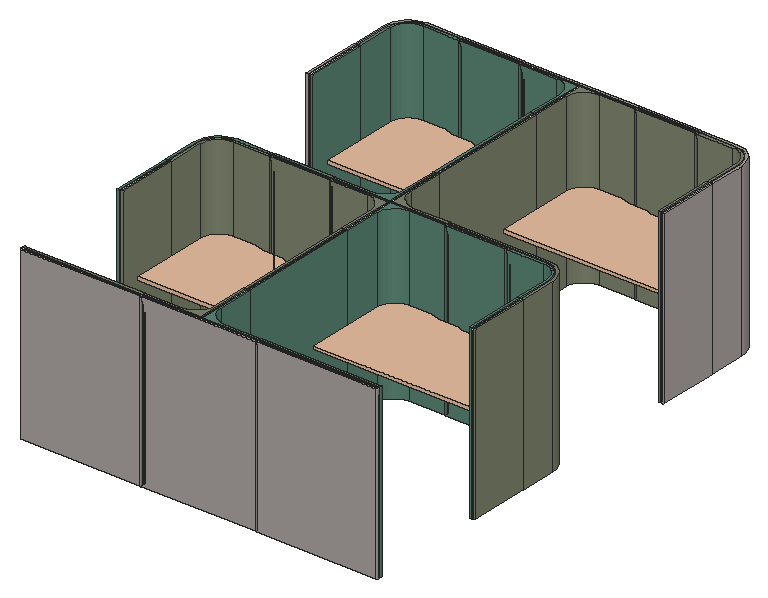
Revit family "NBS_Senator_MeetingPods_Enclave4Inline", category Furniture, Revit 2018
Family settings
  Work Plane-Based = No
  Always vertical = Yes
  Cut with Voids When Loaded = No
  Shared = No
  Room Calculation Point = No
Parameters
  Width = 2950 mm  # constant formula
  WarrantyStartDate [instance] = "1900-12-31T23:59:59"
  WarrantyGuarantorParts = "contactus@thesenatorgroup.com"
  WarrantyGuarantorLabor = "n/a"
  WarrantyDurationUnit = "year"
  WarrantyDurationParts = "10"
  WarrantyDurationLabor = "n/a"
  WarrantyDescription = "Senator warrants that its manufactured products are free from manufacturing defects - in materials or workmanship - for a period of ten (10) years on Senator Seating ranges; and fifteen (15) years on Senator Desking ranges - exceptions are listed below. Senator will repair or replace (at Senator’s sole discretion) with comparable free of charge materials / components, any product / component, which fails under normal use in a single shift environment, as a result of a defect in the materials and / or workmanship"
  Version = "1"  # constant formula
  Uniclass2015Version = "Products v1.16"
  Uniclass2015Title = "Meeting Pods"
  Uniclass2015Code = "Pr_40_50_12_53"
  TagNumber [instance] = "n/a"
  TableTopMaterial = NBS_Senator_Wood_HighlandOak_2
  SustainabilityPerformance = "99% recyclable"
  Style = "Meeting pods"
  Status = "UNSET"
  Size = "4450 x 2950 x 1400 mm"
  Shape = "n/a"
  SerialNumber [instance] = "n/a"
  SeatWidth = "n/a"
  SeatDepth = "n/a"
  Revision = "n/a"
  ReplacementCost = "n/a"
  Reference = "n/a"
  ProductInformation = "http://www.thesenatorgroup.com/uk/senator/"
  OuterPanelMaterial = NBS_Senator_VirginWool_StAndrews
  NominalWidth = 2950 mm
  NominalLength = 2950 mm
  NominalHeight = 1400 mm
  NominalDepth = 4450 mm
  Name = "MeetingPods_Enclave4Inline_PDEN4IN14_Senator"
  NBSReference = "45-35-20/342"
  NBSDescription = "Meeting pods"
  NBSCertification = "www.nationalbimlibrary.com/cert/ezclycss"
  ModelReference = "Pods-Enclave4Inline_PDEN4IN14"
  ModelNumber = "PDEN4IN14"
  Material = "Fabric, metal, plastic"
  ManufacturerURL = "www.senator.co.uk"
  ManufacturerName = "The Senator Group"  # constant formula
  Manufacturer = "sales@senator.co.uk"
  MainColor = "n/a"
  IsBuiltIn = no
  InstallationDate [instance] = "1900-12-31T23:59:59"
  InnerPanelMaterial2 = NBS_Senator_VirginWool_Lancaster
  InnerPanelMaterial1 = NBS_Senator_VirginWool_Montcrest
  IfcExportType = "USERDEFINED"  # constant formula
  IfcExportAs = "IfcFurnitureType"  # constant formula
  Height = 1400 mm
  Grade = "n/a"
  FramesColour = "Black, white"
  FrameMaterial = NBS_Senator_Aluminium_Rigid_Siver
  FinishOptions = "Carini walnut, mocha, autumn, strata oak, maple, highland oak, beech, winter oak, hacienda white, white, light grey, denim, clay, lemon sorbet"
  Finish = "Outer vertical panels upholstered in camira, blazer fabric Two tone is standard"
  Features = "Internal frame with multi-layered acoustic foam, levelling adjusters, blazer fabric, outer vertical panels"
  FabricFinishOptions = "Plymouth, fairfield, latymer, lancaster, silcoates, silverdale, st andrews, trevelyan, ulster, wellington, wesley, manchester,"
  ExpectedLife = "10"
  DurationUnit = "year"
  Description = "Enclave 4 Inline - 1400mm high"
  Depth = 3950 mm  # constant formula
  Constituents = "n/a"
  Color = "n/a"
  CodePerformance = "n/a"
  Category = "Pr_40_50_12_53:Meeting pods"
  BarCode [instance] = "n/a"
  BIMObjectName = "NBS_Senator_MeetingPods_Enclave4Inline_PDEN4IN14"
  Author = "NBS"  # constant formula
  AssetType = "Fixed"
  AssetIdentifier [instance] = "n/a"
  Accessories = "Monitor arms, PU desk accessories, desk top accessories, CPU holders, electrical accessories, coat hanger, name plate, A2 dry wipe board with hanger, A3 dry wipe board with hanger"
  AccessibilityPerformance = "n/a"
Types (3, lengths in mm): name | TableTopMaterial | Size | NominalHeight | Name | ModelReference | ModelNumber | Height | Description | BIMObjectName
  (no name) | NBS_Senator_Wood_HighlandOak_2 | "4450 x 2950 x 1400 mm" | 1400 | "MeetingPods_Enclave4Inline_PDEN4IN14_Senator" | "Pods-Enclave4Inline_PDEN4IN14" | "PDEN4IN14" | 1400 | "Enclave 4 Inline - 1400mm high" | "NBS_Senator_MeetingPods_Enclave4Inline_PDEN4IN14"
  PDEN4IN14 | NBS_Senator_Wood_HighlandOak_2 | "4450 x 2950 x 1400 mm" | 1400 | "MeetingPods_Enclave4Inline_PDEN4IN14_Senator" | "Pods-Enclave4Inline_PDEN4IN14" | "PDEN4IN14" | 1400 | "Enclave 4 Inline - 1400mm high" | "NBS_Senator_MeetingPods_Enclave4Inline_PDEN4IN14"
  PDEN4IN18 | none | "4450 x 2950 x 1800 mm" | 1800 | "MeetingPods_Enclave4Inline_PDEN4IN18_Senator" | "Pods-Enclave4Inline_PDEN4IN18" | "PDEN4IN18" | 1800 | "Enclave 4 Inline - 1800mm high" | "NBS_Senator_MeetingPods_Enclave4Inline_PDEN4IN18"
Reference planes
  plane 1 "Center (Front/Back)": y = 0
  plane 2: z = 0
  plane 3 "Center (Left/Right)": x = 0
  plane 4 "Left": x = -1475
  plane 5 "Right": x = 1475
  plane 6 "Back": y = 1975
  plane 7 "Front": y = -1975
  plane 8: x = -1425
  plane 9: x = -25
  plane 10: x = 25
  plane 11: x = 1425
  plane 12: y = 1925
  plane 13: y = 25
  plane 14: y = -25
  plane 15: y = -1925
  plane 16: x = -1455
  plane 17: x = -1445
  plane 18: x = 1445
  plane 19: x = 1455
  plane 20: x = -5
  plane 21: x = 5
  plane 22: y = 1955
  plane 23: y = 1945
  plane 24: y = 5
  plane 25: y = -5
  plane 26: y = -1945
  plane 27: y = -1955
  plane 28 "Top": z = 1400
  plane 29 "TableTop": z = 710
Forms (mm)
  Extrusion 1, solid, material "NBS_Senator_VirginWool_Montcrest" <- "InnerPanelMaterial1", detail levels fine
    sketch origin (0, 0, 0) x (1, 0, 0) y (0, 1, 0)
      loop
        arc (-1270, 1945) -> (-1393.744, 1893.744) -> (-1445, 1770) r 175
        line (-1445, 1770) -> (-1445, 1476.584)
        arc (-1445, 1476.584) -> (-1435, 1471.531) -> (-1425, 1476.584) r 12.422
        line (-1425, 1476.584) -> (-1425, 1775)
        arc (-1425, 1775) -> (-1381.066, 1881.066) -> (-1275, 1925) r 150
        line (-1275, 1925) -> (-977.526, 1925)
        arc (-977.526, 1925) -> (-972.505, 1935) -> (-977.526, 1945) r 12.468
        line (-977.526, 1945) -> (-1270, 1945)
      loop
        arc (-1445, 983.106) -> (-1435, 973.106) -> (-1425, 983.106) r 10
        line (-1425, 983.106) -> (-1425, 1465.582)
        arc (-1425, 1465.582) -> (-1435, 1470.663) -> (-1445, 1465.582) r 12.381
        line (-1445, 1465.582) -> (-1445, 983.106)
      loop
        line (-5, 5) -> (-5, 469.625)
        arc (-5, 469.625) -> (-15, 474.63) -> (-25, 469.625) r 12.492
        line (-25, 469.625) -> (-25, 175)
        arc (-25, 175) -> (-68.934, 68.934) -> (-175, 25) r 150
        line (-175, 25) -> (-467.502, 25)
        arc (-467.502, 25) -> (-472.442, 15) -> (-467.502, 5) r 12.591
        line (-467.502, 5) -> (-5, 5)
      loop
        line (-5, 1945) -> (-469.327, 1945)
        arc (-469.327, 1945) -> (-474.347, 1935) -> (-469.327, 1925) r 12.471
        line (-469.327, 1925) -> (-175, 1925)
        arc (-175, 1925) -> (-68.934, 1881.066) -> (-25, 1775) r 150
        line (-25, 1775) -> (-25, 1477.924)
        arc (-25, 1477.924) -> (-15, 1472.919) -> (-5, 1477.924) r 12.492
        line (-5, 1477.924) -> (-5, 1945)
      loop
        arc (-1475, -962.489) -> (-1465, -972.489) -> (-1455, -962.489) r 10
        line (-1455, -962.489) -> (-1455, -480.129)
        arc (-1455, -480.129) -> (-1465, -475.113) -> (-1475, -480.129) r 12.475
        line (-1475, -480.129) -> (-1475, -962.489)
      loop
        arc (-1455, -175) -> (-1402.279, -47.721) -> (-1275, 5) r 180
        line (-1275, 5) -> (-975.813, 5)
        arc (-975.813, 5) -> (-970.712, 15) -> (-975.813, 25) r 12.353
        line (-975.813, 25) -> (-1275, 25)
        arc (-1275, 25) -> (-1416.421, -33.579) -> (-1475, -175) r 200
        line (-1475, -175) -> (-1475, -469.129)
        arc (-1475, -469.129) -> (-1465, -474.146) -> (-1455, -469.129) r 12.475
        line (-1455, -469.129) -> (-1455, -175)
      loop
        line (5, -5) -> (5, -469.675)
        arc (5, -469.675) -> (15, -474.68) -> (25, -469.675) r 12.492
        line (25, -469.675) -> (25, -175)
        arc (25, -175) -> (68.934, -68.934) -> (175, -25) r 150
        line (175, -25) -> (468.187, -25)
        arc (468.187, -25) -> (473.187, -15) -> (468.187, -5) r 12.5
        line (468.187, -5) -> (5, -5)
      loop
        line (5, -1945) -> (469.972, -1945)
        arc (469.972, -1945) -> (474.994, -1935) -> (469.972, -1925) r 12.467
        line (469.972, -1925) -> (175, -1925)
        arc (175, -1925) -> (68.934, -1881.066) -> (25, -1775) r 150
        line (25, -1775) -> (25, -1477.973)
        arc (25, -1477.973) -> (15, -1472.971) -> (5, -1477.973) r 12.496
        line (5, -1477.973) -> (5, -1945)
      loop
        arc (1464.302, -1945) -> (1474.302, -1935) -> (1464.302, -1925) r 10
        line (1464.302, -1925) -> (480.972, -1925)
        arc (480.972, -1925) -> (475.951, -1935) -> (480.972, -1945) r 12.467
        line (480.972, -1945) -> (1464.302, -1945)
      loop
        arc (1445, -180) -> (1393.744, -56.256) -> (1270, -5) r 175
        line (1270, -5) -> (976.67, -5)
        arc (976.67, -5) -> (971.487, -15) -> (976.67, -25) r 12.239
        line (976.67, -25) -> (1275, -25)
        arc (1275, -25) -> (1381.066, -68.934) -> (1425, -175) r 150
        line (1425, -175) -> (1425, -469.925)
        arc (1425, -469.925) -> (1435, -475.008) -> (1445, -469.925) r 12.377
        line (1445, -469.925) -> (1445, -180)
      loop
        arc (1425, -963.071) -> (1435, -973.071) -> (1445, -963.071) r 10
        line (1445, -963.071) -> (1445, -480.674)
        arc (1445, -480.674) -> (1435, -475.66) -> (1425, -480.674) r 12.479
        line (1425, -480.674) -> (1425, -963.071)
      loop
        arc (-966.526, 1945) -> (-971.545, 1935) -> (-966.526, 1925) r 12.472
        line (-966.526, 1925) -> (-480.227, 1925)
        arc (-480.227, 1925) -> (-475.208, 1935) -> (-480.227, 1945) r 12.472
        line (-480.227, 1945) -> (-966.526, 1945)
      loop
        line (-25, 1466.925) -> (-25, 480.625)
        arc (-25, 480.625) -> (-15, 475.62) -> (-5, 480.625) r 12.492
        line (-5, 480.625) -> (-5, 1466.925)
        arc (-5, 1466.925) -> (-15, 1471.93) -> (-25, 1466.925) r 12.492
      loop
        arc (-478.502, 5) -> (-473.442, 15) -> (-478.502, 25) r 12.412
        line (-478.502, 25) -> (-964.682, 25)
        arc (-964.682, 25) -> (-969.742, 15) -> (-964.682, 5) r 12.412
        line (-964.682, 5) -> (-478.502, 5)
      loop
        arc (5, -1466.974) -> (15, -1471.979) -> (25, -1466.974) r 12.492
        line (25, -1466.974) -> (25, -480.674)
        arc (25, -480.674) -> (15, -475.669) -> (5, -480.674) r 12.492
        line (5, -480.674) -> (5, -1466.974)
      loop
        line (479.247, -25) -> (965.427, -25)
        arc (965.427, -25) -> (970.487, -15) -> (965.427, -5) r 12.412
        line (965.427, -5) -> (479.247, -5)
        arc (479.247, -5) -> (474.187, -15) -> (479.247, -25) r 12.412
    from 0 to 1400
  Extrusion 2, solid, material "NBS_Senator_VirginWool_Lancaster" <- "InnerPanelMaterial2", detail levels fine
    sketch origin (0, 0, 0) x (1, 0, 0) y (0, 1, 0)
      loop
        line (5, 1945) -> (5, 1477.924)
        arc (5, 1477.924) -> (15, 1472.922) -> (25, 1477.924) r 12.496
        line (25, 1477.924) -> (25, 1775)
        arc (25, 1775) -> (68.934, 1881.066) -> (175, 1925) r 150
        line (175, 1925) -> (469.972, 1925)
        arc (469.972, 1925) -> (474.991, 1935) -> (469.972, 1945) r 12.472
        line (469.972, 1945) -> (5, 1945)
      loop
        line (5, 5) -> (468.215, 5)
        arc (468.215, 5) -> (473.188, 15) -> (468.215, 25) r 12.542
        line (468.215, 25) -> (175, 25)
        arc (175, 25) -> (68.934, 68.934) -> (25, 175) r 150
        line (25, 175) -> (25, 469.625)
        arc (25, 469.625) -> (15, 474.63) -> (5, 469.625) r 12.492
        line (5, 469.625) -> (5, 5)
      loop
        arc (1275, 5) -> (1402.279, -47.721) -> (1455, -175) r 180
        line (1455, -175) -> (1455, -469.925)
        arc (1455, -469.925) -> (1465, -474.941) -> (1475, -469.925) r 12.476
        line (1475, -469.925) -> (1475, -175)
        arc (1475, -175) -> (1416.421, -33.579) -> (1275, 25) r 200
        line (1275, 25) -> (976.547, 25)
        arc (976.547, 25) -> (971.487, 15) -> (976.547, 5) r 12.412
        line (976.547, 5) -> (1275, 5)
      loop
        arc (1445, 1780) -> (1396.673, 1896.673) -> (1280, 1945) r 165
        line (1280, 1945) -> (978.272, 1945)
        arc (978.272, 1945) -> (973.117, 1935) -> (978.272, 1925) r 12.277
        line (978.272, 1925) -> (1275, 1925)
        arc (1275, 1925) -> (1381.066, 1881.066) -> (1425, 1775) r 150
        line (1425, 1775) -> (1425, 1475.788)
        arc (1425, 1475.788) -> (1435, 1470.763) -> (1445, 1475.788) r 12.462
        line (1445, 1475.788) -> (1445, 1780)
      loop
        arc (1455, -962.752) -> (1465, -972.752) -> (1475, -962.752) r 10
        line (1475, -962.752) -> (1475, -480.674)
        arc (1475, -480.674) -> (1465, -475.66) -> (1455, -480.674) r 12.479
        line (1455, -480.674) -> (1455, -962.752)
      loop
        arc (-1280, -5) -> (-1396.673, -53.327) -> (-1445, -170) r 165
        line (-1445, -170) -> (-1445, -469.129)
        arc (-1445, -469.129) -> (-1435, -474.146) -> (-1425, -469.129) r 12.475
        line (-1425, -469.129) -> (-1425, -175)
        arc (-1425, -175) -> (-1381.066, -68.934) -> (-1275, -25) r 150
        line (-1275, -25) -> (-975.813, -25)
        arc (-975.813, -25) -> (-970.741, -15) -> (-975.813, -5) r 12.394
        line (-975.813, -5) -> (-1280, -5)
      loop
        arc (-1445, -963.812) -> (-1435, -973.812) -> (-1425, -963.812) r 10
        line (-1425, -963.812) -> (-1425, -480.129)
        arc (-1425, -480.129) -> (-1435, -475.113) -> (-1445, -480.129) r 12.475
        line (-1445, -480.129) -> (-1445, -963.812)
      loop
        line (-5, -1945) -> (-5, -1477.973)
        arc (-5, -1477.973) -> (-15, -1472.968) -> (-25, -1477.973) r 12.492
        line (-25, -1477.973) -> (-25, -1775)
        arc (-25, -1775) -> (-68.934, -1881.066) -> (-175, -1925) r 150
        line (-175, -1925) -> (-469.327, -1925)
        arc (-469.327, -1925) -> (-474.329, -1935) -> (-469.327, -1945) r 12.497
        line (-469.327, -1945) -> (-5, -1945)
      loop
        line (-5, -5) -> (-467.26, -5)
        arc (-467.26, -5) -> (-472.442, -15) -> (-467.26, -25) r 12.24
        line (-467.26, -25) -> (-175, -25)
        arc (-175, -25) -> (-68.934, -68.934) -> (-25, -175) r 150
        line (-25, -175) -> (-25, -469.675)
        arc (-25, -469.675) -> (-15, -474.68) -> (-5, -469.675) r 12.491
        line (-5, -469.675) -> (-5, -5)
      loop
        line (-1461.819, -1945) -> (-480.327, -1945)
        arc (-480.327, -1945) -> (-475.305, -1935) -> (-480.327, -1925) r 12.468
        line (-480.327, -1925) -> (-1461.819, -1925)
        arc (-1461.819, -1925) -> (-1471.819, -1935) -> (-1461.819, -1945) r 10
      loop
        arc (1425, 980.805) -> (1435, 970.805) -> (1445, 980.805) r 10
        line (1445, 980.805) -> (1445, 1464.788)
        arc (1445, 1464.788) -> (1435, 1469.854) -> (1425, 1464.788) r 12.403
        line (1425, 1464.788) -> (1425, 980.805)
      loop
        line (-964.559, -25) -> (-478.624, -25)
        arc (-478.624, -25) -> (-473.442, -15) -> (-478.624, -5) r 12.239
        line (-478.624, -5) -> (-964.559, -5)
        arc (-964.559, -5) -> (-969.742, -15) -> (-964.559, -25) r 12.239
      loop
        line (-25, -480.674) -> (-25, -1466.974)
        arc (-25, -1466.974) -> (-15, -1471.979) -> (-5, -1466.974) r 12.492
        line (-5, -1466.974) -> (-5, -480.674)
        arc (-5, -480.674) -> (-15, -475.669) -> (-25, -480.674) r 12.492
      loop
        arc (965.427, 5) -> (970.487, 15) -> (965.427, 25) r 12.412
        line (965.427, 25) -> (479.106, 25)
        arc (479.106, 25) -> (474.165, 15) -> (479.106, 5) r 12.59
        line (479.106, 5) -> (965.427, 5)
      loop
        arc (5, 480.625) -> (15, 475.62) -> (25, 480.625) r 12.492
        line (25, 480.625) -> (25, 1466.925)
        arc (25, 1466.925) -> (15, 1471.93) -> (5, 1466.925) r 12.492
        line (5, 1466.925) -> (5, 480.625)
      loop
        line (480.972, 1925) -> (967.271, 1925)
        arc (967.271, 1925) -> (972.291, 1935) -> (967.271, 1945) r 12.471
        line (967.271, 1945) -> (480.972, 1945)
        arc (480.972, 1945) -> (475.953, 1935) -> (480.972, 1925) r 12.472
    from 0 to 1400
  Extrusion 3, solid, material "NBS_Senator_Aluminium_Rigid_Siver" <- "FrameMaterial", detail levels fine
    sketch origin (0, 0, 0) x (1, 0, 0) y (0, 1, 0)
      loop
        line (-1455, 1496.656) -> (-1455, 982.539)
        arc (-1455, 982.539) -> (-1450, 977.539) -> (-1445, 982.539) r 5
        line (-1445, 982.539) -> (-1445, 1496.656) -> (-1455, 1496.656)
      loop
        line (-997.628, 1955) -> (-997.628, 1945) -> (-479.983, 1945)
        arc (-479.983, 1945) -> (-474.983, 1950) -> (-479.983, 1955) r 5
        line (-479.983, 1955) -> (-997.628, 1955)
      loop
        arc (-469.37, 1955) -> (-474.37, 1950) -> (-469.37, 1945) r 5
        line (-469.37, 1945) -> (-5, 1945) -> (-5, 1477.991)
        arc (-5, 1477.991) -> (0, 1472.991) -> (5, 1477.991) r 5
        line (5, 1477.991) -> (5, 1945) -> (470.917, 1945)
        arc (470.917, 1945) -> (475.917, 1950) -> (470.917, 1955) r 5
        line (470.917, 1955) -> (-469.37, 1955)
      loop
        arc (-5, 480.18) -> (0, 475.18) -> (5, 480.18) r 5
        line (5, 480.18) -> (5, 1467.207)
        arc (5, 1467.207) -> (0, 1472.207) -> (-5, 1467.207) r 5
        line (-5, 1467.207) -> (-5, 480.18)
      loop
        arc (482.158, 1955) -> (477.158, 1950) -> (482.158, 1945) r 5
        line (482.158, 1945) -> (998.344, 1945) -> (998.344, 1955) -> (482.158, 1955)
      loop
        line (1445, 1491.619) -> (1445, 980.649)
        arc (1445, 980.649) -> (1450, 975.649) -> (1455, 980.649) r 5
        line (1455, 980.649) -> (1455, 1491.619) -> (1445, 1491.619)
      loop
        line (-1455, -453.344) -> (-1455, -967.461)
        arc (-1455, -967.461) -> (-1450, -972.461) -> (-1445, -967.461) r 5
        line (-1445, -967.461) -> (-1445, -453.344) -> (-1455, -453.344)
      loop
        line (-997.628, 5) -> (-997.628, -5) -> (-479.983, -5)
        arc (-479.983, -5) -> (-474.983, 0) -> (-479.983, 5) r 5
        line (-479.983, 5) -> (-997.628, 5)
      loop
        arc (-469.37, 5) -> (-474.37, 0) -> (-469.37, -5) r 5
        line (-469.37, -5) -> (-5, -5) -> (-5, -472.009)
        arc (-5, -472.009) -> (0, -477.009) -> (5, -472.009) r 5
        line (5, -472.009) -> (5, -5) -> (470.917, -5)
        arc (470.917, -5) -> (475.917, 0) -> (470.917, 5) r 5
        line (470.917, 5) -> (5, 5) -> (5, 469.339)
        arc (5, 469.339) -> (0, 474.339) -> (-5, 469.339) r 5
        line (-5, 469.339) -> (-5, 5) -> (-469.37, 5)
      loop
        arc (5, -482.793) -> (0, -477.793) -> (-5, -482.793) r 5
        line (-5, -482.793) -> (-5, -1466.978)
        arc (-5, -1466.978) -> (0, -1471.978) -> (5, -1466.978) r 5
        line (5, -1466.978) -> (5, -482.793)
      loop
        arc (482.158, 5) -> (477.158, 0) -> (482.158, -5) r 5
        line (482.158, -5) -> (998.344, -5) -> (998.344, 5) -> (482.158, 5)
      loop
        line (1445, -458.381) -> (1445, -969.351)
        arc (1445, -969.351) -> (1450, -974.351) -> (1455, -969.351) r 5
        line (1455, -969.351) -> (1455, -458.381) -> (1445, -458.381)
      loop
        line (-1459.41, -1955) -> (-479.983, -1955)
        arc (-479.983, -1955) -> (-474.983, -1950) -> (-479.983, -1945) r 5
        line (-479.983, -1945) -> (-1459.41, -1945)
        arc (-1459.41, -1945) -> (-1464.41, -1950) -> (-1459.41, -1955) r 5
      loop
        line (-469.37, -1955) -> (470.917, -1955)
        arc (470.917, -1955) -> (475.917, -1950) -> (470.917, -1945) r 5
        line (470.917, -1945) -> (5, -1945) -> (5, -1477.991)
        arc (5, -1477.991) -> (0, -1472.991) -> (-5, -1477.991) r 5
        line (-5, -1477.991) -> (-5, -1945) -> (-469.37, -1945)
        arc (-469.37, -1945) -> (-474.37, -1950) -> (-469.37, -1955) r 5
      loop
        line (482.158, -1955) -> (1461.69, -1955)
        arc (1461.69, -1955) -> (1466.69, -1950) -> (1461.69, -1945) r 5
        line (1461.69, -1945) -> (482.158, -1945)
        arc (482.158, -1945) -> (477.158, -1950) -> (482.158, -1955) r 5
    from 0 to 1400
  Extrusion 4, solid, material "NBS_Senator_VirginWool_StAndrews" <- "OuterPanelMaterial", detail levels fine
    sketch origin (0, 0, 0) x (1, 0, 0) y (0, 1, 0)
      loop
        arc (-1461.229, -1955) -> (-1471.229, -1965) -> (-1461.229, -1975) r 10
        line (-1461.229, -1975) -> (-480.327, -1975)
        arc (-480.327, -1975) -> (-475.305, -1965) -> (-480.327, -1955) r 12.468
        line (-480.327, -1955) -> (-1461.229, -1955)
      loop
        arc (1463.507, -1975) -> (1473.507, -1965) -> (1463.507, -1955) r 10
        line (1463.507, -1955) -> (480.972, -1955)
        arc (480.972, -1955) -> (475.951, -1965) -> (480.972, -1975) r 12.467
        line (480.972, -1975) -> (1463.507, -1975)
      loop
        arc (-1275, 1975) -> (-1416.421, 1916.421) -> (-1475, 1775) r 200
        line (-1475, 1775) -> (-1475, 1476.584)
        arc (-1475, 1476.584) -> (-1465, 1471.339) -> (-1455, 1476.584) r 12.156
        line (-1455, 1476.584) -> (-1455, 1765)
        arc (-1455, 1765) -> (-1399.35, 1899.35) -> (-1265, 1955) r 190
        line (-1265, 1955) -> (-977.526, 1955)
        arc (-977.526, 1955) -> (-972.504, 1965) -> (-977.526, 1975) r 12.468
        line (-977.526, 1975) -> (-1275, 1975)
      loop
        arc (-1475, 982.911) -> (-1465, 972.911) -> (-1455, 982.911) r 10
        line (-1455, 982.911) -> (-1455, 1465.582)
        arc (-1455, 1465.582) -> (-1465, 1470.827) -> (-1475, 1465.582) r 12.156
        line (-1475, 1465.582) -> (-1475, 982.911)
      loop
        arc (1475, 1770) -> (1414.957, 1914.957) -> (1270, 1975) r 205
        line (1270, 1975) -> (978.272, 1975)
        arc (978.272, 1975) -> (973.253, 1965) -> (978.272, 1955) r 12.472
        line (978.272, 1955) -> (1265, 1955)
        arc (1265, 1955) -> (1399.35, 1899.35) -> (1455, 1765) r 190
        line (1455, 1765) -> (1455, 1475.788)
        arc (1455, 1475.788) -> (1465, 1470.544) -> (1475, 1475.788) r 12.156
        line (1475, 1475.788) -> (1475, 1770)
      loop
        arc (1455, 980.675) -> (1465, 970.675) -> (1475, 980.675) r 10
        line (1475, 980.675) -> (1475, 1464.788)
        arc (1475, 1464.788) -> (1465, 1470.023) -> (1455, 1464.788) r 12.169
        line (1455, 1464.788) -> (1455, 980.675)
      loop
        arc (-469.37, -1955) -> (-474.349, -1965) -> (-469.37, -1975) r 12.531
        line (-469.37, -1975) -> (469.972, -1975)
        arc (469.972, -1975) -> (474.994, -1965) -> (469.972, -1955) r 12.467
        line (469.972, -1955) -> (-469.37, -1955)
      loop
        line (-966.526, 1955) -> (-479.983, 1955)
        arc (-479.983, 1955) -> (-475.071, 1965) -> (-479.983, 1975) r 12.635
        line (-479.983, 1975) -> (-966.526, 1975)
        arc (-966.526, 1975) -> (-971.545, 1965) -> (-966.526, 1955) r 12.472
      loop
        line (-469.37, 1955) -> (469.972, 1955)
        arc (469.972, 1955) -> (474.991, 1965) -> (469.972, 1975) r 12.471
        line (469.972, 1975) -> (-469.37, 1975)
        arc (-469.37, 1975) -> (-474.346, 1965) -> (-469.37, 1955) r 12.535
      loop
        arc (480.972, 1975) -> (475.953, 1965) -> (480.972, 1955) r 12.471
        line (480.972, 1955) -> (967.271, 1955)
        arc (967.271, 1955) -> (972.291, 1965) -> (967.271, 1975) r 12.471
        line (967.271, 1975) -> (480.972, 1975)
    from 0 to 1400
  Extrusion 5, solid, material "NBS_Senator_VirginWool_StAndrews" <- "OuterPanelMaterial", detail levels coarse+medium
    sketch origin (0, 0, 0) x (1, 0, 0) y (0, 1, 0)
      loop
        line (-1475, 1975) -> (-1475, 982.126)
        arc (-1475, 982.126) -> (-1450, 957.126) -> (-1425, 982.126) r 25
        line (-1425, 982.126) -> (-1425, 1785)
        arc (-1425, 1785) -> (-1383.995, 1883.995) -> (-1285, 1925) r 140
        line (-1285, 1925) -> (-165, 1925)
        arc (-165, 1925) -> (-66.005, 1883.995) -> (-25, 1785) r 140
        line (-25, 1785) -> (-25, 165)
        arc (-25, 165) -> (-66.005, 66.005) -> (-165, 25) r 140
        line (-165, 25) -> (-1475, 25) -> (-1475, -963.985)
        arc (-1475, -963.985) -> (-1450, -988.985) -> (-1425, -963.985) r 25
        line (-1425, -963.985) -> (-1425, -165)
        arc (-1425, -165) -> (-1383.995, -66.005) -> (-1285, -25) r 140
        line (-1285, -25) -> (-165, -25)
        arc (-165, -25) -> (-66.005, -66.005) -> (-25, -165) r 140
        line (-25, -165) -> (-25, -1785)
        arc (-25, -1785) -> (-66.005, -1883.995) -> (-165, -1925) r 140
        line (-165, -1925) -> (-1462.074, -1925)
        arc (-1462.074, -1925) -> (-1487.074, -1950) -> (-1462.074, -1975) r 25
        line (-1462.074, -1975) -> (1461.005, -1975)
        arc (1461.005, -1975) -> (1486.005, -1950) -> (1461.005, -1925) r 25
        line (1461.005, -1925) -> (165, -1925)
        arc (165, -1925) -> (66.005, -1883.995) -> (25, -1785) r 140
        line (25, -1785) -> (25, -165)
        arc (25, -165) -> (66.005, -66.005) -> (165, -25) r 140
        line (165, -25) -> (1285, -25)
        arc (1285, -25) -> (1383.995, -66.005) -> (1425, -165) r 140
        line (1425, -165) -> (1425, -968.902)
        arc (1425, -968.902) -> (1450, -993.902) -> (1475, -968.902) r 25
        line (1475, -968.902) -> (1475, 25) -> (165, 25)
        arc (165, 25) -> (66.005, 66.005) -> (25, 165) r 140
        line (25, 165) -> (25, 1785)
        arc (25, 1785) -> (66.005, 1883.995) -> (165, 1925) r 140
        line (165, 1925) -> (1285, 1925)
        arc (1285, 1925) -> (1383.995, 1883.995) -> (1425, 1785) r 140
        line (1425, 1785) -> (1425, 984.103)
        arc (1425, 984.103) -> (1450, 959.103) -> (1475, 984.103) r 25
        line (1475, 984.103) -> (1475, 1975) -> (-1475, 1975)
    from 0 to 1400
Dimensions and locks
  equal spacing: plane 6 "Back", plane 1 "Center (Front/Back)", plane 7 "Front"
  "Depth": plane 6 "Back" to plane 7 "Front"
  equal spacing: plane 4 "Left", plane 3 "Center (Left/Right)", plane 5 "Right"
  "Width": plane 4 "Left" to plane 5 "Right"
  locked: plane 4 "Left" to plane 8 at 50
  equal spacing: plane 9, plane 3 "Center (Left/Right)", plane 10
  locked: plane 9 to plane 10 at 50
  locked: plane 11 to plane 5 "Right" at 50
  locked: plane 6 "Back" to plane 12 at 50
  locked: plane 15 to plane 7 "Front" at 50
  equal spacing: plane 13, plane 1 "Center (Front/Back)", plane 14
  locked: plane 13 to plane 14 at 50
  locked: plane 4 "Left" to plane 16 at 20
  locked: plane 17 to plane 8 at 20
  locked: plane 21 to plane 10 at 20
  locked: plane 9 to plane 20 at 20
  locked: plane 11 to plane 18 at 20
  locked: plane 19 to plane 5 "Right" at 20
  locked: plane 6 "Back" to plane 22 at 20
  locked: plane 23 to plane 12 at 20
  locked: plane 13 to plane 24 at 20
  locked: plane 25 to plane 14 at 20
  locked: plane 15 to plane 26 at 20
  locked: plane 27 to plane 7 "Front" at 20
  "Height": plane 28 "Top" to plane 2
  locked: plane 29 "TableTop" to plane 2 at 710
  aligned and locked: level to plane 2
  aligned and locked: Extrusion 1 sketch curve to plane 23
  aligned and locked: Extrusion 1 sketch curve to plane 12
  aligned and locked: Extrusion 1 sketch curve to plane 9
  aligned and locked: plane 20 to Extrusion 1 sketch curve
  aligned and locked: plane 13 to Extrusion 1 sketch curve
  aligned and locked: plane 16 to Extrusion 1 sketch curve
  aligned and locked: plane 4 "Left" to Extrusion 1 sketch curve
  aligned and locked: Extrusion 1 sketch curve to plane 25
  aligned and locked: Extrusion 1 sketch curve to plane 14
  aligned and locked: plane 18 to Extrusion 1 sketch curve
  aligned and locked: Extrusion 1 sketch curve to plane 11
  aligned and locked: plane 10 to Extrusion 1 sketch curve
  aligned and locked: Extrusion 1 sketch curve to plane 21
  aligned and locked: plane 26 to Extrusion 1 sketch curve
  aligned and locked: plane 15 to Extrusion 1 sketch curve
  aligned and locked: Extrusion 1 to plane 28 "Top"
  aligned and locked: Extrusion 2 sketch curve to plane 12
  aligned and locked: Extrusion 2 sketch curve to plane 23
  aligned and locked: Extrusion 2 sketch curve to plane 21
  aligned and locked: plane 10 to Extrusion 2 sketch curve
  aligned and locked: Extrusion 2 sketch curve to plane 11
  aligned and locked: plane 18 to Extrusion 2 sketch curve
  aligned and locked: plane 24 to Extrusion 2 sketch curve
  aligned and locked: plane 13 to Extrusion 2 sketch curve
  aligned and locked: Extrusion 2 sketch curve to plane 19
  aligned and locked: Extrusion 2 sketch curve to plane 5 "Right"
  aligned and locked: Extrusion 2 sketch curve to plane 25
  aligned and locked: Extrusion 2 sketch curve to plane 14
  aligned and locked: Extrusion 2 sketch curve to plane 17
  aligned and locked: plane 8 to Extrusion 2 sketch curve
  aligned and locked: Extrusion 2 sketch curve to plane 9
  aligned and locked: plane 20 to Extrusion 2 sketch curve
  aligned and locked: plane 15 to Extrusion 2 sketch curve
  aligned and locked: plane 26 to Extrusion 2 sketch curve
  aligned and locked: Extrusion 2 to plane 28 "Top"
  aligned and locked: plane 12 to nested 1
  aligned and locked: plane 12 to nested 2
  aligned and locked: plane 14 to nested 3
  aligned and locked: plane 14 to nested 4
  aligned and locked: nested 3 to plane 29 "TableTop"
  aligned and locked: nested 1 to plane 29 "TableTop"
  aligned and locked: nested 4 to plane 29 "TableTop"
  aligned and locked: nested 2 to plane 29 "TableTop"
  aligned and locked: Extrusion 3 sketch curve to plane 16
  aligned and locked: plane 17 to Extrusion 3 sketch curve
  aligned and locked: Extrusion 3 sketch curve to plane 22  (x3)
  aligned and locked: plane 23 to Extrusion 3 sketch curve  (x2)
  aligned and locked: Extrusion 3 sketch curve to plane 23
  aligned and locked: plane 20 to Extrusion 3 sketch curve
  aligned and locked: plane 21 to Extrusion 3 sketch curve  (x3)
  aligned and locked: Extrusion 3 sketch curve to plane 20  (x2)
  aligned and locked: Extrusion 3 sketch curve to plane 18
  aligned and locked: plane 19 to Extrusion 3 sketch curve
  aligned and locked: Extrusion 3 to plane 28 "Top"
  aligned and locked: Extrusion 4 sketch curve to plane 27
  aligned and locked: plane 7 "Front" to Extrusion 4 sketch curve
  aligned and locked: Extrusion 4 sketch curve to plane 6 "Back"
  aligned and locked: Extrusion 4 sketch curve to plane 22
  aligned and locked: Extrusion 4 sketch curve to plane 16
  aligned and locked: plane 4 "Left" to Extrusion 4 sketch curve
  aligned and locked: Extrusion 4 sketch curve to plane 5 "Right"
  aligned and locked: plane 19 to Extrusion 4 sketch curve
  aligned and locked: Extrusion 4 to plane 28 "Top"
  aligned and locked: Extrusion 5 sketch curve to plane 6 "Back"
  aligned and locked: plane 7 "Front" to Extrusion 5 sketch curve
  aligned and locked: Extrusion 5 sketch curve to plane 5 "Right"
  aligned and locked: Extrusion 5 sketch curve to plane 12
  aligned and locked: Extrusion 5 sketch curve to plane 11
  aligned and locked: plane 15 to Extrusion 5 sketch curve
  aligned and locked: plane 9 to Extrusion 5 sketch curve
  aligned and locked: Extrusion 5 sketch curve to plane 13
  aligned and locked: plane 14 to Extrusion 5 sketch curve
  aligned and locked: Extrusion 5 to plane 28 "Top"
Automatic sketch dimensions
  Extrusion 1 sketch curve to Extrusion 1 sketch curve = 0 mm  (x2)
  Extrusion 1 sketch curve to plane 4 "Left" = 0 mm
  Extrusion 1 sketch curve to plane 16 = 0 mm
  Extrusion 1 sketch curve to plane 17 = 0 mm  (x2)
  Extrusion 1 sketch curve to plane 8 = 0 mm  (x2)
  Extrusion 1 sketch curve to plane 24 = 0 mm  (x3)
  Extrusion 1 sketch curve to plane 12 = 0 mm  (x2)
  Extrusion 1 sketch curve to plane 23 = 0 mm  (x2)
  Extrusion 1 sketch curve to plane 13 = 0 mm
  Extrusion 1 sketch curve to plane 9 = 0 mm  (x2)
  Extrusion 1 sketch curve to plane 20 = 0 mm  (x2)
  Extrusion 1 sketch curve to plane 21 = 0 mm  (x2)
  Extrusion 1 sketch curve to plane 10 = 0 mm  (x2)
  Extrusion 1 sketch curve to plane 25 = 0 mm  (x2)
  Extrusion 1 sketch curve to plane 14 = 0 mm  (x2)
  Extrusion 1 sketch curve to plane 11 = 0 mm
  Extrusion 1 sketch curve to plane 18 = 0 mm
  plane 4 "Left" to Extrusion 1 sketch curve = 10 mm  (x2)
  Extrusion 1 sketch curve to plane 8 = 10 mm  (x2)
  plane 8 to Extrusion 1 sketch curve = 150 mm  (x2)
  Extrusion 1 sketch curve to Extrusion 1 sketch curve = 5 mm  (x2)
  plane 12 to Extrusion 1 sketch curve = 10 mm  (x2)
  Extrusion 1 sketch curve to Extrusion 1 sketch curve = 285.028 mm
  Extrusion 1 sketch curve to plane 13 = 10 mm  (x2)
  Extrusion 1 sketch curve to Extrusion 1 sketch curve = 291.935 mm
  Extrusion 1 sketch curve to Extrusion 1 sketch curve = 7.446 mm  (x2)
  Extrusion 1 sketch curve to Extrusion 1 sketch curve = 7.252 mm
  Extrusion 1 sketch curve to Extrusion 1 sketch curve = 11 mm  (x9)
  Extrusion 1 sketch curve to Extrusion 1 sketch curve = 11.131 mm  (x2)
  Extrusion 1 sketch curve to Extrusion 1 sketch curve = 7.453 mm
  Extrusion 1 sketch curve to Extrusion 1 sketch curve = 7.352 mm  (x2)
  Extrusion 1 sketch curve to plane 9 = 462.679 mm
  Extrusion 1 sketch curve to plane 9 = 460.854 mm
  Extrusion 1 sketch curve to Extrusion 1 sketch curve = 7.452 mm  (x2)
  Extrusion 1 sketch curve to Extrusion 1 sketch curve = 10.899 mm  (x2)
  Extrusion 1 sketch curve to Extrusion 1 sketch curve = 7.651 mm
  Extrusion 1 sketch curve to plane 9 = 150 mm  (x2)
  plane 9 to Extrusion 1 sketch curve = 10 mm  (x4)
  Extrusion 1 sketch curve to plane 10 = 10 mm  (x4)
  plane 10 to Extrusion 1 sketch curve = 150 mm  (x2)
  plane 14 to Extrusion 1 sketch curve = 10 mm  (x2)
  Extrusion 1 sketch curve to Extrusion 1 sketch curve = 285.687 mm
  Extrusion 1 sketch curve to plane 15 = 10 mm
  Extrusion 1 sketch curve to Extrusion 1 sketch curve = 287.527 mm
  Extrusion 1 sketch curve to Extrusion 1 sketch curve = 7.5 mm
  Extrusion 1 sketch curve to Extrusion 1 sketch curve = 7.445 mm
  Extrusion 1 sketch curve to Extrusion 1 sketch curve = 11.06 mm  (x2)
  Extrusion 1 sketch curve to Extrusion 1 sketch curve = 7.353 mm  (x2)
  Extrusion 1 sketch curve to plane 11 = 466.925 mm
  Extrusion 1 sketch curve to Extrusion 1 sketch curve = 11.242 mm  (x2)
  Extrusion 1 sketch curve to Extrusion 1 sketch curve = 7.056 mm
  Extrusion 1 sketch curve to plane 11 = 155 mm
  plane 11 to Extrusion 1 sketch curve = 10 mm  (x2)
  Extrusion 1 sketch curve to plane 19 = 9.302 mm
  Extrusion 1 sketch curve to Extrusion 1 sketch curve = 10 mm
  Extrusion 1 sketch curve to Extrusion 1 sketch curve = 289.534 mm
  Extrusion 1 sketch curve to Extrusion 1 sketch curve = 7.493 mm
  Extrusion 1 sketch curve to Extrusion 1 sketch curve = 7.486 mm  (x6)
  Extrusion 1 sketch curve to Extrusion 1 sketch curve = 783.071 mm
  Extrusion 1 sketch curve to Extrusion 1 sketch curve = 787.489 mm
  Extrusion 1 sketch curve to Extrusion 1 sketch curve = 313.16 mm
  Extrusion 1 sketch curve to Extrusion 1 sketch curve = 308.139 mm
  Extrusion 1 sketch curve to Extrusion 1 sketch curve = 312.588 mm
  Extrusion 1 sketch curve to Extrusion 1 sketch curve = 7.465 mm
  Extrusion 1 sketch curve to Extrusion 1 sketch curve = 7.459 mm  (x2)
  Extrusion 1 sketch curve to Extrusion 1 sketch curve = 10.75 mm
  Extrusion 1 sketch curve to Extrusion 1 sketch curve = 7.293 mm
  Extrusion 1 sketch curve to Extrusion 1 sketch curve = 287.138 mm
  Extrusion 1 sketch curve to Extrusion 1 sketch curve = 11.001 mm
  Extrusion 1 sketch curve to Extrusion 1 sketch curve = 786.894 mm
  Extrusion 1 sketch curve to Extrusion 1 sketch curve = 311.717 mm
  Extrusion 1 sketch curve to Extrusion 1 sketch curve = 315.561 mm
  Extrusion 1 sketch curve to Extrusion 1 sketch curve = 7.3 mm
  Extrusion 1 sketch curve to Extrusion 1 sketch curve = 11.002 mm
  Extrusion 1 sketch curve to Extrusion 1 sketch curve = 7.37 mm
  Extrusion 1 sketch curve to Extrusion 1 sketch curve = 7.487 mm
  Extrusion 1 sketch curve to plane 15 = 0 mm
  Extrusion 1 sketch curve to plane 26 = 0 mm
  Extrusion 2 sketch curve to Extrusion 2 sketch curve = 0 mm  (x2)
  Extrusion 2 sketch curve to plane 15 = 0 mm
  Extrusion 2 sketch curve to plane 26 = 0 mm
  Extrusion 2 sketch curve to plane 17 = 0 mm
  Extrusion 2 sketch curve to plane 8 = 0 mm
  Extrusion 2 sketch curve to plane 25 = 0 mm  (x2)
  Extrusion 2 sketch curve to plane 14 = 0 mm  (x2)
  Extrusion 2 sketch curve to plane 9 = 0 mm  (x2)
  Extrusion 2 sketch curve to plane 20 = 0 mm  (x2)
  Extrusion 2 sketch curve to plane 21 = 0 mm  (x2)
  Extrusion 2 sketch curve to plane 10 = 0 mm  (x2)
  Extrusion 2 sketch curve to plane 13 = 0 mm  (x2)
  Extrusion 2 sketch curve to plane 24 = 0 mm  (x2)
  Extrusion 2 sketch curve to plane 23 = 0 mm  (x2)
  Extrusion 2 sketch curve to plane 12 = 0 mm  (x2)
  Extrusion 2 sketch curve to plane 11 = 0 mm
  Extrusion 2 sketch curve to plane 18 = 0 mm
  Extrusion 2 sketch curve to plane 5 "Right" = 0 mm
  plane 16 to Extrusion 2 sketch curve = 6.819 mm
  Extrusion 2 sketch curve to plane 8 = 10 mm  (x2)
  plane 8 to Extrusion 2 sketch curve = 145 mm
  Extrusion 2 sketch curve to Extrusion 2 sketch curve = 5 mm  (x2)
  plane 14 to Extrusion 2 sketch curve = 10 mm  (x2)
  Extrusion 2 sketch curve to Extrusion 2 sketch curve = 291.864 mm
  Extrusion 2 sketch curve to Extrusion 2 sketch curve = 7.322 mm
  Extrusion 2 sketch curve to Extrusion 2 sketch curve = 11.254 mm  (x2)
  Extrusion 2 sketch curve to Extrusion 2 sketch curve = 7.057 mm  (x2)
  Extrusion 2 sketch curve to plane 15 = 10 mm
  Extrusion 2 sketch curve to plane 9 = 462.773 mm
  Extrusion 2 sketch curve to plane 9 = 460.681 mm
  Extrusion 2 sketch curve to Extrusion 2 sketch curve = 7.446 mm
  Extrusion 2 sketch curve to Extrusion 2 sketch curve = 11 mm  (x11)
  Extrusion 2 sketch curve to Extrusion 2 sketch curve = 11.364 mm  (x2)
  Extrusion 2 sketch curve to Extrusion 2 sketch curve = 7.494 mm
  Extrusion 2 sketch curve to Extrusion 2 sketch curve = 7.058 mm
  Extrusion 2 sketch curve to plane 9 = 150 mm  (x2)
  plane 9 to Extrusion 2 sketch curve = 10 mm  (x4)
  Extrusion 2 sketch curve to plane 10 = 10 mm  (x4)
  plane 10 to Extrusion 2 sketch curve = 150 mm  (x2)
  Extrusion 2 sketch curve to plane 13 = 10 mm  (x2)
  Extrusion 2 sketch curve to Extrusion 2 sketch curve = 285.645 mm
  plane 12 to Extrusion 2 sketch curve = 10 mm  (x2)
  Extrusion 2 sketch curve to Extrusion 2 sketch curve = 287.519 mm
  Extrusion 2 sketch curve to Extrusion 2 sketch curve = 7.57 mm
  Extrusion 2 sketch curve to Extrusion 2 sketch curve = 7.453 mm
  Extrusion 2 sketch curve to Extrusion 2 sketch curve = 10.89 mm  (x2)
  Extrusion 2 sketch curve to Extrusion 2 sketch curve = 7.649 mm
  Extrusion 2 sketch curve to Extrusion 2 sketch curve = 7.452 mm  (x2)
  Extrusion 2 sketch curve to plane 11 = 466.925 mm
  Extrusion 2 sketch curve to plane 11 = 465.181 mm
  Extrusion 2 sketch curve to Extrusion 2 sketch curve = 7.352 mm  (x2)
  Extrusion 2 sketch curve to Extrusion 2 sketch curve = 11.119 mm  (x2)
  Extrusion 2 sketch curve to Extrusion 2 sketch curve = 7.122 mm
  Extrusion 2 sketch curve to plane 11 = 150 mm  (x2)
  plane 11 to Extrusion 2 sketch curve = 10 mm  (x2)
  Extrusion 2 sketch curve to plane 5 "Right" = 10 mm  (x2)
  Extrusion 2 sketch curve to Extrusion 2 sketch curve = 289.54 mm
  Extrusion 2 sketch curve to Extrusion 2 sketch curve = 7.486 mm  (x7)
  Extrusion 2 sketch curve to Extrusion 2 sketch curve = 788.812 mm
  Extrusion 2 sketch curve to Extrusion 2 sketch curve = 787.752 mm
  Extrusion 2 sketch curve to Extrusion 2 sketch curve = 313.16 mm
  Extrusion 2 sketch curve to Extrusion 2 sketch curve = 313.139 mm
  Extrusion 2 sketch curve to Extrusion 2 sketch curve = 312.588 mm
  Extrusion 2 sketch curve to Extrusion 2 sketch curve = 7.465 mm
  Extrusion 2 sketch curve to Extrusion 2 sketch curve = 7.459 mm  (x3)
  Extrusion 2 sketch curve to Extrusion 2 sketch curve = 10.75 mm
  Extrusion 2 sketch curve to Extrusion 2 sketch curve = 287.138 mm
  Extrusion 2 sketch curve to Extrusion 2 sketch curve = 11.001 mm
  Extrusion 2 sketch curve to Extrusion 2 sketch curve = 794.195 mm
  Extrusion 2 sketch curve to Extrusion 2 sketch curve = 317.548 mm
  Extrusion 2 sketch curve to Extrusion 2 sketch curve = 315.561 mm
  Extrusion 2 sketch curve to Extrusion 2 sketch curve = 7.336 mm
  Extrusion 2 sketch curve to Extrusion 2 sketch curve = 7.437 mm
  Extrusion 2 sketch curve to Extrusion 2 sketch curve = 7.493 mm
  Extrusion 3 sketch curve to plane 27 = 0 mm  (x3)
  Extrusion 3 sketch curve to plane 26 = 0 mm  (x4)
  Extrusion 3 sketch curve to plane 16 = 0 mm
  Extrusion 3 sketch curve to plane 17 = 0 mm
  Extrusion 3 sketch curve to plane 24 = 0 mm  (x4)
  Extrusion 3 sketch curve to plane 25 = 0 mm  (x3)
  Extrusion 3 sketch curve to plane 20 = 0 mm  (x3)
  Extrusion 3 sketch curve to plane 3 "Center (Left/Right)" = 0 mm  (x3)
  Extrusion 3 sketch curve to plane 23 = 0 mm
  plane 1 "Center (Front/Back)" to Extrusion 3 sketch curve = 0 mm
  Extrusion 3 sketch curve to plane 18 = 0 mm
  Extrusion 3 sketch curve to plane 19 = 0 mm
  plane 16 to Extrusion 3 sketch curve = 4.41 mm
  plane 8 to Extrusion 3 sketch curve = 427.372 mm  (x2)
  Extrusion 3 sketch curve to plane 9 = 454.983 mm  (x3)
  Extrusion 3 sketch curve to Extrusion 3 sketch curve = 10.614 mm  (x3)
  plane 10 to Extrusion 3 sketch curve = 445.917 mm  (x3)
  Extrusion 3 sketch curve to Extrusion 3 sketch curve = 11.241 mm  (x3)
  Extrusion 3 sketch curve to plane 11 = 426.656 mm  (x2)
  Extrusion 3 sketch curve to plane 19 = 6.69 mm
  plane 15 to Extrusion 3 sketch curve = 447.009 mm
  Extrusion 3 sketch curve to Extrusion 3 sketch curve = 11.013 mm
  Extrusion 3 sketch curve to plane 14 = 944.351 mm
  Extrusion 3 sketch curve to plane 14 = 942.461 mm
  Extrusion 3 sketch curve to plane 14 = 457.793 mm
  Extrusion 3 sketch curve to Extrusion 3 sketch curve = 10.783 mm  (x2)
  Extrusion 3 sketch curve to plane 14 = 433.381 mm
  Extrusion 3 sketch curve to plane 14 = 428.344 mm
  plane 13 to Extrusion 3 sketch curve = 444.339 mm
  Extrusion 3 sketch curve to Extrusion 3 sketch curve = 10.841 mm
  Extrusion 3 sketch curve to plane 12 = 944.351 mm
  Extrusion 3 sketch curve to plane 12 = 942.461 mm
  Extrusion 3 sketch curve to plane 12 = 457.793 mm
  Extrusion 3 sketch curve to plane 12 = 433.381 mm
  Extrusion 3 sketch curve to plane 12 = 428.344 mm
  Extrusion 4 sketch curve to plane 4 "Left" = 0 mm
  Extrusion 4 sketch curve to plane 7 "Front" = 0 mm  (x2)
  Extrusion 4 sketch curve to plane 16 = 0 mm
  Extrusion 4 sketch curve to plane 22 = 0 mm  (x4)
  Extrusion 4 sketch curve to plane 6 "Back" = 0 mm  (x4)
  Extrusion 4 sketch curve to plane 27 = 0 mm  (x2)
  Extrusion 4 sketch curve to plane 19 = 0 mm
  Extrusion 4 sketch curve to plane 5 "Right" = 0 mm
  plane 4 "Left" to Extrusion 4 sketch curve = 10 mm  (x2)
  plane 16 to Extrusion 4 sketch curve = 6.229 mm
  plane 8 to Extrusion 4 sketch curve = 150 mm
  Extrusion 4 sketch curve to Extrusion 4 sketch curve = 10 mm
  Extrusion 4 sketch curve to plane 6 "Back" = 10 mm  (x4)
  Extrusion 4 sketch curve to Extrusion 4 sketch curve = 280.028 mm
  Extrusion 4 sketch curve to Extrusion 4 sketch curve = 7.446 mm  (x3)
  Extrusion 4 sketch curve to Extrusion 4 sketch curve = 11 mm  (x9)
  Extrusion 4 sketch curve to Extrusion 4 sketch curve = 7.452 mm  (x4)
  plane 7 "Front" to Extrusion 4 sketch curve = 10 mm  (x2)
  Extrusion 4 sketch curve to plane 9 = 462.773 mm
  Extrusion 4 sketch curve to plane 9 = 462.707 mm
  Extrusion 4 sketch curve to Extrusion 4 sketch curve = 7.723 mm
  Extrusion 4 sketch curve to Extrusion 4 sketch curve = 10.958 mm  (x2)
  Extrusion 4 sketch curve to Extrusion 4 sketch curve = 10.614 mm  (x2)
  Extrusion 4 sketch curve to Extrusion 4 sketch curve = 7.552 mm
  Extrusion 4 sketch curve to Extrusion 4 sketch curve = 7.558 mm
  plane 10 to Extrusion 4 sketch curve = 437.52 mm
  plane 10 to Extrusion 4 sketch curve = 437.527 mm
  Extrusion 4 sketch curve to Extrusion 4 sketch curve = 7.445 mm
  Extrusion 4 sketch curve to plane 11 = 465.181 mm
  Extrusion 4 sketch curve to Extrusion 4 sketch curve = 7.453 mm
  Extrusion 4 sketch curve to plane 11 = 160 mm
  Extrusion 4 sketch curve to Extrusion 4 sketch curve = 5 mm
  Extrusion 4 sketch curve to plane 19 = 8.507 mm
  Extrusion 4 sketch curve to plane 5 "Right" = 10 mm  (x2)
  Extrusion 4 sketch curve to Extrusion 4 sketch curve = 784.325 mm
  Extrusion 4 sketch curve to Extrusion 4 sketch curve = 782.089 mm
  Extrusion 4 sketch curve to Extrusion 4 sketch curve = 307.146 mm
  Extrusion 4 sketch curve to Extrusion 4 sketch curve = 306.329 mm
  Extrusion 4 sketch curve to Extrusion 4 sketch curve = 6.934 mm
  Extrusion 4 sketch curve to Extrusion 4 sketch curve = 6.911 mm
  Extrusion 4 sketch curve to Extrusion 4 sketch curve = 11.002 mm
  Extrusion 4 sketch curve to Extrusion 4 sketch curve = 6.912 mm  (x2)
  Extrusion 5 sketch curve to plane 4 "Left" = 0 mm  (x2)
  Extrusion 5 sketch curve to plane 15 = 0 mm
  Extrusion 5 sketch curve to plane 8 = 0 mm  (x2)
  Extrusion 5 sketch curve to plane 14 = 0 mm
  Extrusion 5 sketch curve to plane 9 = 0 mm
  Extrusion 5 sketch curve to plane 10 = 0 mm  (x2)
  Extrusion 5 sketch curve to plane 12 = 0 mm
  Extrusion 5 sketch curve to plane 13 = 0 mm
  Extrusion 5 sketch curve to plane 11 = 0 mm
  Extrusion 5 sketch curve to plane 5 "Right" = 0 mm
  plane 16 to Extrusion 5 sketch curve = 7.074 mm
  plane 8 to Extrusion 5 sketch curve = 140 mm  (x2)
  Extrusion 5 sketch curve to Extrusion 5 sketch curve = 140 mm  (x3)
  Extrusion 5 sketch curve to Extrusion 5 sketch curve = 0 mm  (x2)
  Extrusion 5 sketch curve to plane 9 = 140 mm
  plane 10 to Extrusion 5 sketch curve = 140 mm  (x2)
  Extrusion 5 sketch curve to plane 11 = 140 mm  (x2)
  Extrusion 5 sketch curve to plane 19 = 6.005 mm
  Extrusion 5 sketch curve to Extrusion 5 sketch curve = 803.902 mm
  Extrusion 5 sketch curve to Extrusion 5 sketch curve = 798.985 mm
  Extrusion 5 sketch curve to Extrusion 5 sketch curve = 802.874 mm
  Extrusion 5 sketch curve to Extrusion 5 sketch curve = 800.897 mm
Nested families
  nested 1: "NBS_Senator_MeetingPods_Desk_PDSAT2" at (-725, 1525, 685), type "NBS_Senator_Desk_PDSAT2"
  nested 2: "NBS_Senator_MeetingPods_Desk_PDSAT2" at (725, 1525, 685), type "NBS_Senator_Desk_PDSAT2"
  nested 3: "NBS_Senator_MeetingPods_Desk_PDSAT2" at (-724.958, -425, 685), type "NBS_Senator_Desk_PDSAT2"
  nested 4: "NBS_Senator_MeetingPods_Desk_PDSAT2" at (725, -425, 685), type "NBS_Senator_Desk_PDSAT2"
Definition of nested family "NBS_Senator_MeetingPods_Desk_PDSAT2"
  Parameters (values of type "NBS_Senator_Desk_PDSAT2")
    DeskWidth = 1400 mm
    DeskThickness = 25 mm
    DeskMaterial = none
    DeskDepth = 800 mm
  Reference planes
    plane 1 "Back": y = 0
    plane 2 "Bottom": z = 0
    plane 3 "Center (Left/Right)": x = 0
    plane 4 "Left": x = -700
    plane 5 "Right": x = 700
    plane 6 "Front": y = -400
    plane 7 "Top": z = 25
    plane 8: y = 400
  Forms (mm)
    Extrusion 1, solid, material <- "DeskMaterial", detail levels medium+fine
      sketch origin (0, 400, 0) x (1, 0, 0) y (0, 1, 0)
        loop
          arc (-550, 0) -> (-656.066, -43.934) -> (-700, -150) r 150
          line (-700, -150) -> (-700, -800) -> (700, -800) -> (700, -150)
          arc (700, -150) -> (656.066, -43.934) -> (550, 0) r 150
          line (550, 0) -> (369.041, 0) -> (289.799, -29.69) -> (126.526, -29.69) -> (84.186, -54.135) -> (-84.186, -54.135) -> (-126.526, -29.69) -> (-289.799, -29.69) -> (-369.041, 0) -> (-550, 0)
      from 0 to 25
    Extrusion 2, solid, material <- "DeskMaterial", detail levels coarse
      sketch origin (0, 0, 0) x (1, 0, 0) y (0, 1, 0)
        loop
          arc (-552, 400) -> (-656.652, 356.652) -> (-700, 252) r 148
          line (-700, 252) -> (-700, -400) -> (700, -400) -> (700, 257.372)
          arc (700, 257.372) -> (658.225, 358.225) -> (557.372, 400) r 142.628
          line (557.372, 400) -> (-552, 400)
      from 0 to 25
  Dimensions and locks
    equal spacing: plane 4 "Left", plane 3 "Center (Left/Right)", plane 5 "Right"
    "DeskWidth": plane 4 "Left" to plane 5 "Right"
    Extrusion 1 sketch curve to Extrusion 1 sketch curve to Extrusion 1 sketch curve to plane 3 "Center (Left/Right)" to Extrusion 1 sketch curve to Extrusion 1 sketch curve to Extrusion 1 sketch curve = 79.242 mm locked, 163.273 mm locked, 126.526 mm locked, 126.526 mm locked, 163.273 mm locked, 79.242 mm locked
    "DeskThickness": plane 7 "Top" to level
    equal spacing: plane 8, plane 1 "Back", plane 6 "Front"
    "DeskDepth": plane 8 to plane 6 "Front"
    aligned and locked: level to plane 2 "Bottom"
    aligned and locked: plane 4 "Left" to Extrusion 1 sketch curve
    aligned and locked: Extrusion 1 sketch curve to plane 5 "Right"
    aligned and locked: Extrusion 1 to plane 2 "Bottom"
    aligned and locked: plane 7 "Top" to Extrusion 1
    aligned and locked: Extrusion 1 to plane 6 "Front"
    aligned and locked: Extrusion 1 to plane 4 "Left"
    aligned and locked: plane 5 "Right" to Extrusion 1
    aligned and locked: plane 8 to Extrusion 1  (x2)
    aligned and locked: Extrusion 2 sketch curve to plane 8
    aligned and locked: plane 4 "Left" to Extrusion 2 sketch curve
    aligned and locked: plane 6 "Front" to Extrusion 2 sketch curve
    aligned and locked: Extrusion 2 sketch curve to plane 5 "Right"
    aligned and locked: plane 7 "Top" to Extrusion 2
  Automatic sketch dimensions
    plane 4 "Left" to Extrusion 1 sketch curve = 150 mm
    Extrusion 1 sketch curve to plane 1 "Back" = 250 mm  (x2)
    Extrusion 1 sketch curve to plane 1 "Back" = 370.31 mm  (x2)
    Extrusion 1 sketch curve to Extrusion 1 sketch curve = 42.34 mm  (x2)
    Extrusion 1 sketch curve to plane 1 "Back" = 400 mm
    Extrusion 1 sketch curve to Extrusion 1 sketch curve = 24.445 mm
    plane 1 "Back" to Extrusion 1 sketch curve = 400 mm
    Extrusion 2 sketch curve to Extrusion 2 sketch curve = 148 mm
    Extrusion 2 sketch curve to plane 5 "Right" = 142.628 mm
